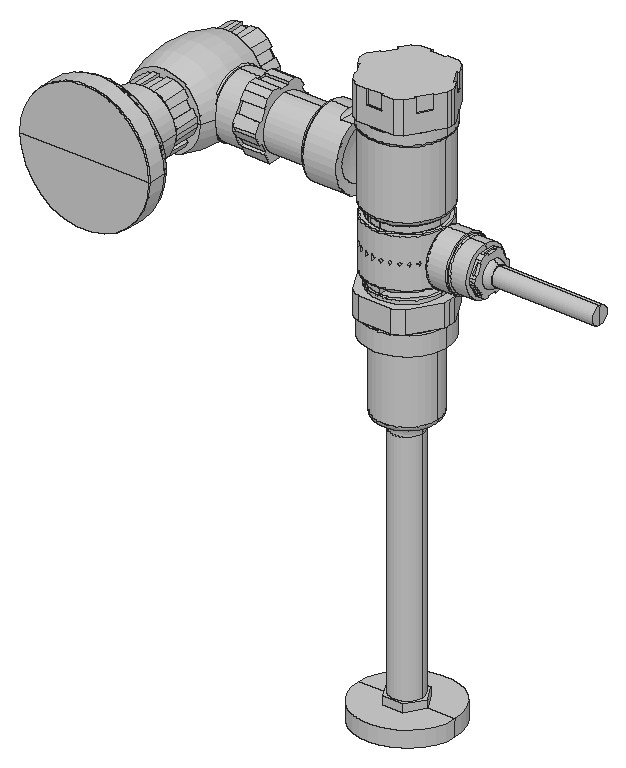
Revit family "SG0077463061BO", category Aparatos sanitarios, Revit 2019
Family settings
  Cota de conector redondo = Diámetro de uso
  Tipo de pieza = Normal
  Número OmniClass = 23.45.00.00
  Título OmniClass = Sanitary, Laundry, and Cleaning Equipment
  Se basa en plano de trabajo = Sí
  Siempre vertical = Sí
  Corte con vacíos al cargar = No
  Compartido = No
  Punto de cálculo de habitación = No
Parameters (values of type "FLUXÓMETRO SLOAN GEM2 HET PARA INODORO")
  Ø sanitario = 25 mm
  _EDESA_Revisado = "Calidad.Planos@edesa.com.ec"
  _EDESA_ Vida útil del cartucho = "150.000 ciclos"
  _EDESA_ Tolerancia dimensional = ""
  _EDESA_ Tipo de instalación = "Entrada superior de inodoro"
  _EDESA_ Tipo = "simple"
  _EDESA_ Sku/código = "SG0077463061BO"
  _EDESA_ Profundidad en cm = 100 mm
  _EDESA_ Productos necesarios para instalación = ""
  _EDESA_ Productos incluídos = ""
  _EDESA_ Presión del agua recomendada = "35 psi (241 kPa) a 125 psi (860 kPa)"
  _EDESA_ Peso en kg = 0.00 kg
  _EDESA_ Nombre = "FLUXÓMETRO SLOAN GEM2 HET PARA INODORO"
  _EDESA_ Materiales = "Latón"
  _EDESA_ Marca = "BRIGGS"
  _EDESA_ Manual de Instalación = ""
  _EDESA_ Garantía = "De por vida para el cuerpo principal y acabado en cromo (306)"
  _EDESA_ Ficha Técnica = "https://www.briggs.com.ec/productos/fichastecnicaspdf/Briggs/Institucional/Fluxometro_sloan_GEM2_HET_inodoro.pdf"
  _EDESA_ Descripción = "Fluxómetro para tazas de entrada superior, de gran duración y cierre hermético, resistentes para lugares de alto tráfico."
  _EDESA_ Cumple normativa ADA = ""
  _EDESA_ Contacto comercial = "(02) 395 2900"
  _EDESA_ Consumo/capacidad de agua en L = ""
  _EDESA_ Consumo de agua = "4.8 litros por descarga"
  _EDESA_ Conexión hidráulica = "Entrada de agua: tubería ø 1\""
  _EDESA_ Color = "cromo"
  _EDESA_ Certificación = "Cumple con la norma ASME A112.1037 - 2015 / CSA B125.37-15 Performance"
  _EDESA_ Categoría = "Productos > Grifería > Institucional"
  _EDESA_ BIM Manager = "Ing. Evelyn Gavilanez"
  _EDESA_ Autor BIM = "http://www1.veraquintana.net/_sitevq/"
  _EDESA_ Ancho en cm = 260 mm
  _EDESA_ Alto en cm = 360 mm
  Uniformat II Description = ""
  Omniclass Code = ""
  Default Elevation = 1219.2 mm
  Cromo = Cromo
Reference planes
  plane 1 "Centro (Frontal/Posterior)": y = 0
  plane 2: z = 0
  plane 3 "Centro (Izquierda/Derecha)": x = 0
  plane 4 "x": y = 0
  plane 5 "y": x = 0
  plane 6 "cl": z = 306.042
  plane 7: y = -45.237
Forms (mm)
  Revolve 1, solid, material "Cromo" <- "Cromo"
    sketch origin (0, 0, 0) x (1, 0, 0) y (0, 0, 1)
      loop
        line (0, 0) -> (0, 10) -> (-30, 10) -> (-30, 0) -> (0, 0)
      axis (0, 10) -> (0, 0)
    angle from 0 to 360
  Extrusion 2, solid, material "Cromo" <- "Cromo"
    sketch origin (0, 0, 0) x (1, 0, 0) y (0, 1, 0)
      loop
        line (-6.351, 11) -> (-12.702, 0) -> (-6.351, -11) -> (6.351, -11) -> (12.702, 0) -> (6.351, 11) -> (-6.351, 11)
    from 10 to 14.858
  Revolve 3, solid, material "Cromo" <- "Cromo"
    sketch origin (0, 0, 0) x (1, 0, 0) y (0, 0, 1)
      loop
        line (0, 14.858) -> (0, 162.058) -> (-9.655, 162.058) -> (-9.655, 14.858) -> (0, 14.858)
      axis (0, 162.058) -> (0, 14.858)
    angle from 0 to 360
  Revolve 4, solid, material "Cromo" <- "Cromo"
    sketch origin (0, 0, 0) x (1, 0, 0) y (0, 0, 1)
      loop
        line (0, 162.058) -> (0, 169.859) -> (-15.992, 169.859)
        arc (-15.992, 169.859) -> (-11.435, 167.086) -> (-9.655, 162.058) r 7.953
        line (-9.655, 162.058) -> (0, 162.058)
      axis (0, 169.859) -> (0, 162.058)
    angle from 0 to 360
  Revolve 5, solid, material "Cromo" <- "Cromo"
    sketch origin (0, 0, 0) x (1, 0, 0) y (0, 0, 1)
      loop
        line (0, 169.859) -> (0, 215.459) -> (-18.992, 215.459) -> (-18.992, 172.859)
        arc (-18.992, 172.859) -> (-18.113, 170.737) -> (-15.992, 169.859) r 3
        line (-15.992, 169.859) -> (0, 169.859)
      axis (0, 215.459) -> (0, 169.859)
    angle from 0 to 360
  Revolve 6, solid, material "Cromo" <- "Cromo"
    sketch origin (0, 0, 0) x (1, 0, 0) y (0, 0, 1)
      loop
        line (0, 227.959) -> (-24.462, 227.959)
        arc (-24.462, 227.959) -> (-24.837, 227.803) -> (-24.992, 227.428) r 0.53
        line (-24.992, 227.428) -> (-24.992, 215.459) -> (0, 215.459) -> (0, 227.959)
      axis (0, 227.959) -> (0, 215.459)
    angle from 0 to 360
  Revolve 7, solid, material "Cromo" <- "Cromo"
    sketch origin (0, 0, 0) x (1, 0, 0) y (0, 0, 1)
      loop
        line (0, 227.959) -> (0, 228.759) -> (-24.492, 228.759) -> (-24.492, 227.959) -> (0, 227.959)
      axis (0, 228.759) -> (0, 227.759)
    angle from 0 to 360
  Extrusion 8, solid, material "Cromo" <- "Cromo"
    sketch origin (0, 0, 0) x (1, 0, 0) y (0, 1, 0)
      loop
        circle (0, 0) r 27
    from 228.759 to 242.859
  Extrusion 9, void
    sketch origin (0, 0, 0) x (1, 0, 0) y (0, 1, 0)
      loop
        line (-14.434, 25) -> (-28.868, 0) -> (-14.434, -25) -> (14.434, -25) -> (28.868, 0) -> (14.434, 25) -> (-14.434, 25)
      loop
        line (-17.321, 30) -> (-34.641, 0) -> (-17.321, -30) -> (17.321, -30) -> (34.641, 0) -> (17.321, 30) -> (-17.321, 30)
    from 228.459 to 242.859
  Revolve 10, solid, material "Cromo" <- "Cromo"
    sketch origin (0, 0, 0) x (1, 0, 0) y (0, 0, 1)
      loop
        line (0, 242.859) -> (0, 244.859) -> (-21.492, 244.859) -> (-21.492, 242.859) -> (0, 242.859)
      axis (0, 244.859) -> (0, 242.859)
    angle from 0 to 360
  Revolve 11, solid, material "Cromo" <- "Cromo"
    sketch origin (0, 0, 0) x (1, 0, 0) y (0, 0, 1)
      loop
        line (0, 244.859) -> (0, 245.659) -> (-20.992, 245.659)
        arc (-20.992, 245.659) -> (-21.02, 245.12) -> (-21.492, 244.859) r 0.556
        line (-21.492, 244.859) -> (0, 244.859)
      axis (0, 245.659) -> (0, 244.659)
    angle from 0 to 360
  Revolve 12, solid, material "Cromo" <- "Cromo"
    sketch origin (0, 0, 0) x (1, 0, 0) y (0, 0, 1)
      loop
        line (0, 245.659) -> (0, 287.739) -> (-20.992, 287.739) -> (-20.992, 245.659) -> (0, 245.659)
      axis (0, 287.739) -> (0, 245.659)
    angle from 270 to 450
  Revolve 13, solid, material "Cromo" <- "Cromo"
    sketch origin (0, 0, 0) x (1, 0, 0) y (0, 0, 1)
      loop
        line (24.958, 266.687) -> (37.958, 266.687) -> (37.958, 282.687)
        arc (37.958, 282.687) -> (37.811, 283.041) -> (37.458, 283.187) r 0.5
        line (37.458, 283.187) -> (25.458, 283.187)
        arc (25.458, 283.187) -> (25.104, 283.041) -> (24.958, 282.687) r 0.5
        line (24.958, 282.687) -> (24.958, 266.687)
      axis (24.958, 266.687) -> (37.958, 266.687)
    angle from 0 to 360
  Extrusion 14, solid, material "Cromo" <- "Cromo"
    sketch origin (0, 0, -1.641) x (0, -1, 0) y (0, 0, 1)
      loop
        circle (0, 268.356) r 13
    from -52.958 to -48.958
  Revolve 15, solid, material "Cromo" <- "Cromo"
    sketch origin (0, 0, 0) x (1, 0, 0) y (0, 0, 1)
      loop
        line (37.958, 266.687) -> (48.958, 266.687) -> (48.958, 281.687) -> (38.958, 281.687)
        arc (38.958, 281.687) -> (38.251, 281.98) -> (37.958, 282.687) r 1
        line (37.958, 282.687) -> (37.958, 266.687)
      axis (37.958, 266.687) -> (48.958, 266.687)
    angle from 0 to 360
  Extrusion 16, void
    sketch origin (0, 0, -1.641) x (0, -1, 0) y (0, 0, 1)
      loop
        line (-11.021, 287.416) -> (-22.041, 268.328) -> (-11.021, 249.239) -> (11.021, 249.239) -> (22.041, 268.328) -> (11.021, 287.416) -> (-11.021, 287.416)
      loop
        line (-6.967, 280.397) -> (-13.934, 268.329) -> (-6.967, 256.262) -> (6.967, 256.262) -> (13.934, 268.329) -> (6.967, 280.397) -> (-6.967, 280.397)
    from -46.016 to -57.255
  Extrusion 17, void
    sketch origin (0, 0, -1.641) x (0, -1, 0) y (0, 0, 1)
      loop
        line (3.031, 280.993) -> (-3.538, 280.993) -> (-3.538, 279.592) -> (3.031, 279.592) -> (3.031, 280.993)
    from -73.359 to -50.807
  Extrusion 18, void
    sketch origin (0, -232.38, 132.524) x (0, -0.5, 0.866025) y (0, 0.866025, 0.5)
      loop
        line (3.031, 280.993) -> (-3.538, 280.993) -> (-3.538, 279.592) -> (3.031, 279.592) -> (3.031, 280.993)
    from -73.359 to -50.807
  Extrusion 19, void
    sketch origin (0, -232.38, 400.853) x (0, 0.5, 0.866025) y (0, 0.866025, -0.5)
      loop
        line (3.031, 280.993) -> (-3.538, 280.993) -> (-3.538, 279.592) -> (3.031, 279.592) -> (3.031, 280.993)
    from -73.359 to -50.807
  Extrusion 20, void
    sketch origin (0, 0, 535.018) x (0, 1, 0) y (0, 0, -1)
      loop
        line (3.031, 280.993) -> (-3.538, 280.993) -> (-3.538, 279.592) -> (3.031, 279.592) -> (3.031, 280.993)
    from -73.359 to -50.807
  Extrusion 21, void
    sketch origin (0, 232.38, 400.853) x (0, 0.5, -0.866025) y (0, -0.866025, -0.5)
      loop
        line (3.031, 280.993) -> (-3.538, 280.993) -> (-3.538, 279.592) -> (3.031, 279.592) -> (3.031, 280.993)
    from -73.359 to -50.807
  Extrusion 22, void
    sketch origin (0, 232.38, 132.524) x (0, -0.5, -0.866025) y (0, -0.866025, 0.5)
      loop
        line (3.031, 280.993) -> (-3.538, 280.993) -> (-3.538, 279.592) -> (3.031, 279.592) -> (3.031, 280.993)
    from -73.359 to -50.807
  Revolve 23, solid, material "Cromo" <- "Cromo"
    sketch origin (0, 0, 0) x (1, 0, 0) y (0, 0, 1)
      loop
        line (52.958, 266.715) -> (56.958, 266.715) -> (56.958, 272.187)
        arc (56.958, 272.187) -> (55.316, 274.011) -> (52.958, 274.687) r 4.45
        line (52.958, 274.687) -> (52.958, 266.715)
      axis (52.958, 266.715) -> (56.958, 266.715)
    angle from 0 to 360
  Revolve 24, solid, material "Cromo" <- "Cromo"
    sketch origin (0, 0, 0) x (1, 0, 0) y (0, 0, 1)
      loop
        line (56.958, 266.715) -> (119.958, 266.715) -> (119.958, 272.187) -> (56.958, 272.187) -> (56.958, 266.715)
      axis (56.958, 266.715) -> (119.958, 266.715)
    angle from 0 to 360
  Revolve 25, solid, material "Cromo" <- "Cromo"
    sketch origin (0, 0, 0) x (1, 0, 0) y (0, 0, 1)
      loop
        line (24.958, 266.687) -> (24.958, 281.687) -> (23.958, 281.687) -> (23.958, 266.687) -> (24.958, 266.687)
      axis (23.958, 266.687) -> (24.958, 266.687)
    angle from 0 to 360
  Revolve 26, solid, material "Cromo" <- "Cromo"
    sketch origin (0, 0, 0) x (1, 0, 0) y (0, 0, 1)
      loop
        line (0, 245.659) -> (12.038, 245.659) -> (12.038, 248.801)
        arc (12.038, 248.801) -> (12.527, 250.112) -> (13.756, 250.781) r 2
        arc (13.756, 250.781) -> (14.854, 250.898) -> (15.958, 250.937) r 15.619
        line (15.958, 250.937) -> (20.965, 250.937)
        arc (20.965, 250.937) -> (23.958, 266.696) -> (20.958, 282.453) r 42.934
        line (20.958, 282.453) -> (20.958, 285.937)
        arc (20.958, 285.937) -> (21.458, 287.26) -> (22.708, 287.921) r 2
        line (22.708, 287.921) -> (0, 287.921) -> (0, 245.659)
      axis (0, 287.921) -> (0, 245.659)
    angle from 0 to 360
  Revolve 27, solid, material "Cromo" <- "Cromo"
    sketch origin (0, 0, 0) x (1, 0, 0) y (0, 0, 1)
      loop
        line (23.458, 282.437) -> (0, 282.437) -> (0, 250.937) -> (23.458, 250.937)
        arc (23.458, 250.937) -> (23.811, 251.083) -> (23.958, 251.437) r 0.5
        line (23.958, 251.437) -> (23.958, 281.937)
        arc (23.958, 281.937) -> (23.811, 282.291) -> (23.458, 282.437) r 0.5
      axis (0, 250.937) -> (0, 282.437)
    angle from 0 to 360
  Revolve 28, solid, material "Cromo" <- "Cromo"
    sketch origin (0, 0, 0) x (1, 0, 0) y (0, 0, 1)
      loop
        line (0, 287.921) -> (22.708, 287.921)
        arc (22.708, 287.921) -> (23.958, 288.583) -> (24.458, 289.906) r 2
        line (24.458, 289.906) -> (24.458, 332.437)
        arc (24.458, 332.437) -> (24.605, 332.791) -> (24.958, 332.937) r 0.5
        line (24.958, 332.937) -> (0, 332.937) -> (0, 287.921)
      axis (0, 332.937) -> (0, 287.921)
    angle from 0 to 360
  Revolve 29, solid, material "Cromo" <- "Cromo"
    sketch origin (0, 0, 0) x (1, 0, 0) y (0, 0, 1)
      loop
        line (0, 332.937) -> (24.958, 332.937)
        arc (24.958, 332.937) -> (25.312, 333.083) -> (25.458, 333.437) r 0.5
        line (25.458, 333.437) -> (25.458, 339.937) -> (0, 339.937) -> (0, 332.937)
      axis (0, 339.937) -> (0, 332.937)
    angle from 0 to 360
  Extrusion 30, solid, material "Cromo" <- "Cromo"
    sketch origin (0, 0, 0) x (1, 0, 0) y (0, 1, 0)
      loop
        circle (0, 0.254) r 27.5
    from 339.937 to 359.937
  Extrusion 31, void
    sketch origin (0, 0, 0) x (1, 0, 0) y (0, 1, 0)
      loop
        line (-14.434, 25.254) -> (-28.868, 0.254) -> (-14.434, -24.746) -> (14.434, -24.746) -> (28.868, 0.254) -> (14.434, 25.254) -> (-14.434, 25.254)
      loop
        line (-20.207, 35.254) -> (-40.415, 0.254) -> (-20.207, -34.746) -> (20.207, -34.746) -> (40.415, 0.254) -> (20.207, 35.254) -> (-20.207, 35.254)
    from 339.937 to 359.937
  Extrusion 32, void
    sketch origin (0, 0, 0) x (1, 0, 0) y (0, 1, 0)
      loop
        line (5.021, 23.862) -> (5.021, 27.147) -> (-4.223, 27.147) -> (-4.223, 23.862) -> (5.021, 23.862)
    from 351.26 to 373.398
  Extrusion 33, void
    sketch origin (0, 0, 0) x (0.5, -0.866025, 0) y (0.866025, 0.5, 0)
      loop
        line (5.021, 23.862) -> (5.021, 27.147) -> (-4.223, 27.147) -> (-4.223, 23.862) -> (5.021, 23.862)
    from 351.26 to 373.398
  Extrusion 34, void
    sketch origin (0, 0, 0) x (-0.5, -0.866025, 0) y (0.866025, -0.5, 0)
      loop
        line (5.021, 23.862) -> (5.021, 27.147) -> (-4.223, 27.147) -> (-4.223, 23.862) -> (5.021, 23.862)
    from 351.26 to 373.398
  Extrusion 35, void
    sketch origin (0, 0, 0) x (-1, 0, 0) y (0, -1, 0)
      loop
        line (5.021, 23.862) -> (5.021, 27.147) -> (-4.223, 27.147) -> (-4.223, 23.862) -> (5.021, 23.862)
    from 351.26 to 373.398
  Extrusion 36, void
    sketch origin (0, 0, 0) x (-0.5, 0.866025, 0) y (-0.866025, -0.5, 0)
      loop
        line (5.021, 23.862) -> (5.021, 27.147) -> (-4.223, 27.147) -> (-4.223, 23.862) -> (5.021, 23.862)
    from 351.26 to 373.398
  Extrusion 37, void
    sketch origin (0, 0, 0) x (0.5, 0.866025, 0) y (-0.866025, 0.5, 0)
      loop
        line (5.021, 23.862) -> (5.021, 27.147) -> (-4.223, 27.147) -> (-4.223, 23.862) -> (5.021, 23.862)
    from 351.26 to 373.398
  Revolve 38, solid, material "Cromo" <- "Cromo"
    sketch origin (0, 0, 0) x (1, 0, 0) y (0, 0, 1)
      loop
        line (-49.542, 305.937) -> (-49.542, 322.437) -> (-76.542, 322.437) -> (-76.542, 305.937) -> (-49.542, 305.937)
      axis (-76.542, 305.937) -> (-49.542, 305.937)
    angle from 0 to 360
  Revolve 39, solid, material "Cromo" <- "Cromo"
    sketch origin (0, 0, 0) x (1, 0, 0) y (0, 0, 1)
      loop
        line (-49.542, 305.937) -> (-47.542, 305.937) -> (-47.542, 327.937) -> (-49.542, 325.937) -> (-49.542, 305.937)
      axis (-49.542, 305.937) -> (-47.542, 305.937)
    angle from 0 to 360
  Revolve 40, solid, material "Cromo" <- "Cromo"
    sketch origin (0, 0, 0) x (1, 0, 0) y (0, 0, 1)
      loop
        line (-47.542, 305.937) -> (-47.542, 283.937) -> (-26.542, 283.937) -> (-27.542, 289.906)
        arc (-27.542, 289.906) -> (-29.104, 297.851) -> (-29.533, 305.937) r 57.368
        line (-29.533, 305.937) -> (-47.542, 305.937)
      axis (-47.542, 305.937) -> (-26.542, 305.937)
    angle from 0 to 360
  Extrusion 41, void
    sketch origin (0, 0, 0) x (1, 0, 0) y (0, 0, 1)
      loop
        arc (-23.594, 325.937) -> (-22.369, 329.253) -> (-22.065, 332.774) r 13.25
        line (-22.065, 332.774) -> (-35.542, 333.405) -> (-35.542, 327.937)
        arc (-35.542, 327.937) -> (-34.956, 326.523) -> (-33.542, 325.937) r 2
        line (-33.542, 325.937) -> (-23.594, 325.937)
    from -49.463 to 33.38
  Extrusion 42, solid, material "Cromo" <- "Cromo"
    sketch origin (0, 0, -1.641) x (0, -1, 0) y (0, 0, 1)
      loop
        circle (0, 307.726) r 22
    from 76.542 to 91.086
  Extrusion 43, void
    sketch origin (0, 0, -1.641) x (0, -1, 0) y (0, 0, 1)
      loop
        line (-11.258, 328.078) -> (-22.517, 308.578) -> (-11.258, 289.078) -> (11.258, 289.078) -> (22.517, 308.578) -> (11.258, 328.078) -> (-11.258, 328.078)
      loop
        line (-13.836, 332.543) -> (-27.673, 308.578) -> (-13.836, 284.612) -> (13.836, 284.612) -> (27.673, 308.578) -> (13.836, 332.543) -> (-13.836, 332.543)
    from 72.768 to 98.464
  Extrusion 44, void
    sketch origin (0, 266.299, 153.586) x (0, -0.5, -0.866025) y (0, -0.866025, 0.5)
      loop
        line (-3.16, 328.322) -> (-3.16, 325.308) -> (3.95, 325.308) -> (3.95, 328.322) -> (-3.16, 328.322)
    from 64.405 to 98.767
  Extrusion 45, void
    sketch origin (0, 0.343, -0.36) x (0, -1, 0) y (0, 0, 1)
      loop
        line (-3.16, 328.322) -> (-3.16, 325.308) -> (3.95, 325.308) -> (3.95, 328.322) -> (-3.16, 328.322)
    from 64.405 to 98.767
  Extrusion 46, void
    sketch origin (0, -265.955, 152.991) x (0, -0.5, 0.866025) y (0, 0.866025, 0.5)
      loop
        line (-3.16, 328.322) -> (-3.16, 325.308) -> (3.95, 325.308) -> (3.95, 328.322) -> (-3.16, 328.322)
    from 64.405 to 98.767
  Extrusion 47, void
    sketch origin (0, -266.299, 460.288) x (0, 0.5, 0.866025) y (0, 0.866025, -0.5)
      loop
        line (-3.16, 328.322) -> (-3.16, 325.308) -> (3.95, 325.308) -> (3.95, 328.322) -> (-3.16, 328.322)
    from 64.405 to 98.767
  Extrusion 48, void
    sketch origin (0, -0.343, 614.234) x (0, 1, 0) y (0, 0, -1)
      loop
        line (-3.16, 328.322) -> (-3.16, 325.308) -> (3.95, 325.308) -> (3.95, 328.322) -> (-3.16, 328.322)
    from 64.405 to 98.767
  Extrusion 49, void
    sketch origin (0, 265.955, 460.883) x (0, 0.5, -0.866025) y (0, -0.866025, -0.5)
      loop
        line (-3.16, 328.322) -> (-3.16, 325.308) -> (3.95, 325.308) -> (3.95, 328.322) -> (-3.16, 328.322)
    from 64.405 to 98.767
  Revolve 50, solid, material "Cromo" <- "Cromo"
    sketch origin (0, 0, 0) x (1, 0, 0) y (0, 0, 1)
      loop
        line (-91.086, 306.042) -> (-91.086, 325.937) -> (-104.542, 325.937) -> (-104.542, 306.042) -> (-91.086, 306.042)
      axis (-104.542, 306.042) -> (-91.086, 306.042)
    angle from 0 to 360
  Revolve 51, solid, material "Cromo" <- "Cromo"
    sketch origin (0, 0, 0) x (1, 0, 0) y (0, 0, 1)
      loop
        line (-104.542, 306.042) -> (-104.542, 325.937)
        arc (-104.542, 325.937) -> (-105.101, 326.069) -> (-105.542, 326.437) r 1.25
        line (-105.542, 326.437) -> (-105.542, 306.042) -> (-104.542, 306.042)
      axis (-105.542, 306.042) -> (-104.542, 306.042)
    angle from 0 to 360
  Revolve 52, solid, material "Cromo" <- "Cromo"
    sketch origin (0, 0, 306.042) x (1, 0, 0) y (0, 1, 0)
      loop
        line (-128.779, 20.763) -> (-151.872, 20.763)
        arc (-151.872, 20.763) -> (-156.211, -3.646) -> (-151.872, -28.055) r 70.828
        line (-151.872, -28.055) -> (-128.779, -28.055) -> (-128.779, 20.763)
      axis (-128.779, 20.763) -> (-128.779, -28.055)
    angle from 0 to 360
  Extrusion 53, solid, material "Cromo" <- "Cromo"
    sketch origin (-129.404, 22.763, 306.042) x (1, 0, 0) y (0, 0, -1)
      loop
        circle (0.578, 0) r 20.5
    from -2 to 14.026
  Extrusion 54, void
    sketch origin (-129.404, 36.789, 306.042) x (1, 0, 0) y (0, 0, -1)
      loop
        line (11.355, -19.5) -> (22.613, 0) -> (11.355, 19.5) -> (-11.162, 19.5) -> (-22.42, 0) -> (-11.162, -19.5) -> (11.355, -19.5)
      loop
        line (20.304, -35) -> (40.511, 0) -> (20.304, 35) -> (-20.11, 35) -> (-40.318, 0) -> (-20.11, -35) -> (20.304, -35)
    from -22.072 to 8.916
  Extrusion 55, void
    sketch origin (-171.068, 40.763, 306.042) x (1, 0, 0) y (0, 0, -1)
      loop
        line (44.536, -21.39) -> (44.536, -17.906) -> (38.987, -17.906) -> (38.987, -21.39) -> (44.536, -21.39)
    from -22.072 to 8.916
  Extrusion 56, void
    sketch origin (-150.274, 40.763, 342.058) x (0.5, 0, -0.866025) y (-0.866025, 0, -0.5)
      loop
        line (44.536, -21.39) -> (44.536, -17.906) -> (38.987, -17.906) -> (38.987, -21.39) -> (44.536, -21.39)
    from -22.072 to 8.916
  Extrusion 57, void
    sketch origin (-108.686, 40.763, 342.058) x (-0.5, 0, -0.866025) y (-0.866025, 0, 0.5)
      loop
        line (44.536, -21.39) -> (44.536, -17.906) -> (38.987, -17.906) -> (38.987, -21.39) -> (44.536, -21.39)
    from -22.072 to 8.916
  Extrusion 58, void
    sketch origin (-87.892, 40.763, 306.042) x (-1, 0, 0) y (0, 0, 1)
      loop
        line (44.536, -21.39) -> (44.536, -17.906) -> (38.987, -17.906) -> (38.987, -21.39) -> (44.536, -21.39)
    from -22.072 to 8.916
  Extrusion 59, void
    sketch origin (-108.686, 40.763, 270.026) x (-0.5, 0, 0.866025) y (0.866025, 0, 0.5)
      loop
        line (44.536, -21.39) -> (44.536, -17.906) -> (38.987, -17.906) -> (38.987, -21.39) -> (44.536, -21.39)
    from -22.072 to 8.916
  Extrusion 60, void
    sketch origin (-150.274, 40.763, 270.026) x (0.5, 0, 0.866025) y (0.866025, 0, -0.5)
      loop
        line (44.536, -21.39) -> (44.536, -17.906) -> (38.987, -17.906) -> (38.987, -21.39) -> (44.536, -21.39)
    from -22.072 to 8.916
  Revolve 61, solid, material "Cromo" <- "Cromo"
    sketch origin (0, 0, 306.042) x (1, 0, 0) y (0, 1, 0)
      loop
        line (-129.307, 36.789) -> (-110.989, 36.789)
        arc (-110.989, 36.789) -> (-119.811, 40.409) -> (-129.307, 41.289) r 32.229
        line (-129.307, 41.289) -> (-129.307, 36.789)
      axis (-129.307, 41.289) -> (-129.307, 36.789)
    angle from 0 to 360
  Revolve 62, solid, material "Cromo" <- "Cromo"
    sketch origin (0, 0, 306.042) x (1, 0, 0) y (0, 1, 0)
      loop
        line (-129.48, -43.792) -> (-129.48, -67.017) -> (-116.208, -67.017) -> (-108.884, -67.35) -> (-108.884, -43.792) -> (-129.48, -43.792)
      axis (-129.48, -43.792) -> (-129.48, -67.35)
    angle from 0 to 360
  Extrusion 63, solid, material "Cromo" <- "Cromo"
    sketch origin (-129.404, -29.432, 306.042) x (1, 0, 0) y (0, 0, 1)
      loop
        circle (0.578, 0) r 20.5
    from -2 to 14.026
  Extrusion 64, void
    sketch origin (-129.404, -43.458, 306.042) x (1, 0, 0) y (0, 0, 1)
      loop
        line (11.355, 19.5) -> (-11.162, 19.5) -> (-22.42, 0) -> (-11.162, -19.5) -> (11.355, -19.5) -> (22.613, 0) -> (11.355, 19.5)
      loop
        line (20.304, 35) -> (-20.11, 35) -> (-40.318, 0) -> (-20.11, -35) -> (20.304, -35) -> (40.511, 0) -> (20.304, 35)
    from -22.072 to 8.916
  Extrusion 65, void
    sketch origin (-171.068, -47.432, 306.042) x (1, 0, 0) y (0, 0, 1)
      loop
        line (44.536, 21.39) -> (38.987, 21.39) -> (38.987, 17.906) -> (44.536, 17.906) -> (44.536, 21.39)
    from -22.072 to 8.916
  Extrusion 66, void
    sketch origin (-150.274, -47.432, 342.058) x (0.5, 0, -0.866025) y (0.866025, 0, 0.5)
      loop
        line (44.536, 21.39) -> (38.987, 21.39) -> (38.987, 17.906) -> (44.536, 17.906) -> (44.536, 21.39)
    from -22.072 to 8.916
  Extrusion 67, void
    sketch origin (-108.686, -47.432, 342.058) x (-0.5, 0, -0.866025) y (0.866025, 0, -0.5)
      loop
        line (44.536, 21.39) -> (38.987, 21.39) -> (38.987, 17.906) -> (44.536, 17.906) -> (44.536, 21.39)
    from -22.072 to 8.916
  Extrusion 68, void
    sketch origin (-87.892, -47.432, 306.042) x (-1, 0, 0) y (0, 0, -1)
      loop
        line (44.536, 21.39) -> (38.987, 21.39) -> (38.987, 17.906) -> (44.536, 17.906) -> (44.536, 21.39)
    from -22.072 to 8.916
  Extrusion 69, void
    sketch origin (-108.686, -47.432, 270.026) x (-0.5, 0, 0.866025) y (-0.866025, 0, -0.5)
      loop
        line (44.536, 21.39) -> (38.987, 21.39) -> (38.987, 17.906) -> (44.536, 17.906) -> (44.536, 21.39)
    from -22.072 to 8.916
  Extrusion 70, void
    sketch origin (-150.274, -47.432, 270.026) x (0.5, 0, 0.866025) y (-0.866025, 0, 0.5)
      loop
        line (44.536, 21.39) -> (38.987, 21.39) -> (38.987, 17.906) -> (44.536, 17.906) -> (44.536, 21.39)
    from -22.072 to 8.916
  Revolve 71, solid, material "Cromo" <- "Cromo"
    sketch origin (0, 0, 306.042) x (1, 0, 0) y (0, 1, 0)
      loop
        line (-116.208, -67.017) -> (-129.549, -67.017) -> (-129.549, -88.873) -> (-89.323, -88.873) -> (-89.114, -88.008) -> (-89.114, -77.107)
        spline (-89.114, -77.107) -> (-89.323, -76.438) -> (-89.684, -75.613) -> (-90.263, -74.67) -> (-91.126, -73.646) -> (-92.34, -72.579) -> (-93.97, -71.505) -> (-96.083, -70.462) -> (-98.745, -69.487) -> (-102.023, -68.618) -> (-105.981, -67.892) -> (-110.688, -67.346) -> (-116.208, -67.017)
      axis (-129.549, -67.017) -> (-129.549, -88.873)
    angle from 0 to 360
Cuts and joins
  Extrusion 9 cuts Extrusion 8
  Extrusion 16, Extrusion 17, Extrusion 18, Extrusion 19, Extrusion 20, Extrusion 21, Extrusion 22 cuts Extrusion 14
  Extrusion 31, Extrusion 32, Extrusion 33, Extrusion 34, Extrusion 35, Extrusion 36, Extrusion 37 cuts Extrusion 30
  Extrusion 41 cuts Revolve 40
  Extrusion 43, Extrusion 44, Extrusion 45, Extrusion 46, Extrusion 47, Extrusion 48, Extrusion 49, Extrusion 64 cuts Extrusion 42
  Extrusion 54, Extrusion 55, Extrusion 56, Extrusion 57, Extrusion 58, Extrusion 59, Extrusion 60, Extrusion 64, Extrusion 65, Extrusion 66, Extrusion 67, Extrusion 68, Extrusion 69, Extrusion 70 cuts Extrusion 53
  Extrusion 64 cuts Revolve 50
  Extrusion 64 cuts Revolve 51
  Extrusion 64, Extrusion 65, Extrusion 66, Extrusion 67, Extrusion 68, Extrusion 69, Extrusion 70 cuts Extrusion 63
  Extrusion 65 cuts Revolve 61
Dimensions and locks
  aligned and locked: level to plane 2
Connectors
  piping at (-129.549, -88.873, 306.042), diameter 25, driven by "Ø sanitario"
    settings: on Revolve 71, index 1, connector inside diameter 609.6 mm, connector length 0 mm, flow factor 0, pipe flow 4.8 L/s, pressure drop 0.0 Pa, fitting loss kfactor 0, connector angle 0.00°, fixture units 0, engagement length 0 mm, angle of deflection 0.00°, flow configuration 0, flow direction 1, fitting loss method 0, system type 20, joint type 0, gender type 0, connector reference index -1, connector utility 0, adjustable connector no, is connector primary yes, connector description ""
